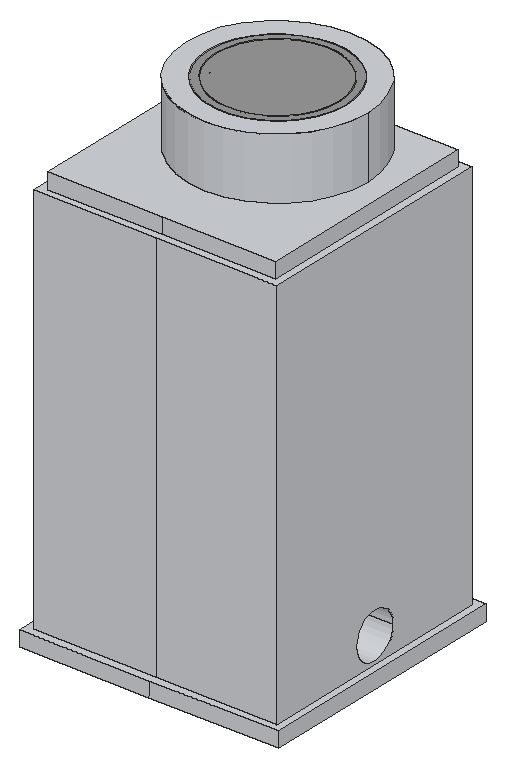
Revit family "检修井", category 常规模型, Revit 2018
Family settings
  可将钢筋附着到主体 = 否
  圆形连接件大小 = 使用直径
  零件类型 = 标准
  基于工作平面 = 否
  总是垂直 = 是
  加载时剪切的空心 = 否
  共享 = 否
  房间计算点 = 否
Parameters
  集水井高度 [instance] = 3400 mm
  附属物 = ""
  连接码 = ""
  起点埋深 = ""
  起点地面标高 = ""
  起始点号 = ""
  行X列 = ""
  终点埋深 = ""
  终止点号 = ""
  终止地面标高 = ""
  线型 = ""
  类型 = ""
  管线长度 = ""
  管径或断面尺寸 = ""
  电缆根数 = ""
  电压 = ""
  特征 = ""
  物探点号（管点编号） = ""
  物探日期 = ""
  流向 = ""
  材质 = none
  权属单位 = ""
  旋转线长度 = 150 mm
  新旧管线 = yes
  探测日期 = ""
  总孔数 = ""
  已用空孔 = ""
  左水管高度 [instance] = 270 mm
  左水管半径 [instance] = 150 mm
  套管尺寸（孔径） = ""
  备注 = ""
  埋设类型 = ""
  埋设日期 = ""
  地面标高 = ""
  图幅号 = ""
  右管拉伸长度 [instance] = 1800 mm
  右管半径 [instance] = 150 mm
  右管偏移角度 [instance] = 160.00°
  右水管高度 [instance] = 270 mm
  井筒高度 [instance] = 400 mm
  井筒 = 混凝土，现场浇注 - C15
  井盖及支座 = 钢 ASTM A242
  井板 = 混凝土，现场浇注 - C15
  井室高度 [instance] = 集水井高度 - 750 mm  # 2650 mm
  井室 = 混凝土，现场浇注 - C15
  井基 = 混凝土，现场浇注 - C15
  Y坐标 = ""
  X坐标 = ""
  90度 = 90.00°
Reference planes
  plane 1 "中心(前/后)": y = 0
  plane 2: z = 0
  plane 3 "中心(左/右)": x = 0
  plane 4: z = 100
  plane 5: z = 2650
  plane 6: z = 3150
  plane 7: z = 2750
  plane 8: z = 270
  plane 9: z = 270
Forms (mm)
  Extrusion 1, solid
    sketch origin (0, 0, 0) x (1, 0, 0) y (0, 1, 0)
      loop
        line (-840, -840) -> (0, -840) -> (840, -840) -> (840, 840) -> (-840, 840) -> (-840, -840)
    from 0 to 100
  Extrusion 2, solid
    sketch origin (0, 0, 0) x (1, 0, 0) y (0, 1, 0)
      loop
        line (-790, -790) -> (0, -790) -> (790, -790) -> (790, 790) -> (-790, 790) -> (-790, -790)
      loop
        line (-550, -550) -> (0, -550) -> (550, -550) -> (550, 550) -> (-550, 550) -> (-550, -550)
    from 100 to 2650
  Extrusion 3, solid
    sketch origin (0, 0, 0) x (1, 0, 0) y (0, 1, 0)
      loop
        line (-740, -740) -> (0, -740) -> (740, -740) -> (740, 740) -> (-740, 740) -> (-740, -740)
      loop
        circle (0, 200) r 450
    from 2650 to 2750
  Extrusion 4, solid
    sketch origin (0, 200, 0) x (1, 0, 0) y (0, 1, 0)
      loop
        circle (0, 0) r 590
      loop
        circle (0, 0) r 450
    from 2750 to 3150
  Sweep 5, solid, material "钢 ASTM A242" <- "井盖及支座"
    path in 3D
      loop
        arc (450, 200, 2750) -> (0, -250, 2750) -> (-450, 200, 2750) r 450
        arc (-450, 200, 2750) -> (0, 650, 2750) -> (450, 200, 2750) r 450
    profile origin (0, 650, 2750) x (0, -1, 0) y (0, 0, -1)
      loop
        line (0, -350) -> (0, -400) -> (50, -400) -> (50, -385) -> (100, -385) -> (100, -370) -> (50, -370) -> (30, -350) -> (0, -350)
  Extrusion 6, solid, material "钢 ASTM A242" <- "井盖及支座"
    sketch origin (0, -120, 0) x (1, 0, 0) y (0, 1, 0)
      loop
        circle (0, 320) r 400
    from 3150 to 3100
  Revolve 7, void
    sketch origin (0, 1530.265, 270) x (0, 1, 0) y (-1, 0, 0)
      loop
        line (-1530.265, 920) -> (-1530.265, 0) -> (-1380.265, 0) -> (-1380.265, 920) -> (-1530.265, 920)
      axis (-1530.265, 0) -> (-1530.265, 920)
    angle from 0 to 360
  Revolve 8, void
    sketch origin (4267.2, -2744.198, 270) x (0, -1, 0) y (1, 0, 0)
      loop
        line (-2744.198, -3986.56) -> (-2744.198, -3267.213) -> (-2894.198, -3267.213) -> (-2894.198, -3986.56) -> (-2744.198, -3986.56)
      axis (-2744.198, -3986.56) -> (-2744.198, -3267.213)
    angle from 0 to 360
Cuts and joins
  Revolve 7, Revolve 8 cuts Extrusion 2
Lines and regions (mm)
  sketch lines
    curve 1: arc (-450, 200, 2750) -> (0, 650, 2750) -> (450, 200, 2750) r 450
    curve 2: arc (450, 200, 2750) -> (0, -250, 2750) -> (-450, 200, 2750) r 450
  reference lines
    curve 3: line (0, 0, 270) -> (-2900, 0, 270)
    curve 4: line (0, 0, 270) -> (2940, 0, 270)
Dimensions and locks
  "井室高度": plane 5 to plane 2
  plane 7 to plane 5 = 100 mm
  "左水管高度": plane 9 to level
  "左水管半径": Revolve 7 sketch curve to Revolve 7 sketch curve
  "右水管高度": plane 8 to plane 2
  "右管半径": Revolve 8 sketch curve to Revolve 8 sketch curve
  "井筒高度": plane 6 to plane 7
  plane 6 to Extrusion 6 = 50 mm
  aligned and locked: level to plane 2
  aligned and locked: Extrusion 2 to plane 4
  aligned and locked: Extrusion 3 to plane 5
  aligned and locked: plane 5 to Extrusion 2
  aligned and locked: plane 7 to Extrusion 3
  aligned and locked: plane 6 to Extrusion 4
  aligned and locked: Extrusion 4 to plane 7
  aligned and locked: Revolve 7 sketch curve to curve 3
  aligned and locked: curve 4 to Revolve 8 sketch curve
  aligned and locked: Extrusion 4 to Extrusion 6
  aligned and locked: Sweep 5 to Extrusion 6
Automatic sketch dimensions
  Extrusion 4 sketch curve to Extrusion 4 sketch curve = 0 mm  (x2)
  Extrusion 4 sketch curve to plane 3 "中心(左/右)" = 0 mm
  Extrusion 4 sketch curve to plane 1 "中心(前/后)" = 200 mm
  Sweep 5 sketch curve to profile plane = 0 mm
  Sweep 5 sketch curve to profile plane = 30 mm
  Sweep 5 sketch curve to profile plane = 50 mm
  Sweep 5 sketch curve to Sweep 5 sketch curve = 0 mm
  Sweep 5 sketch curve to Sweep 5 sketch curve = 50 mm
  Sweep 5 sketch curve to profile plane = 400 mm
  Sweep 5 sketch curve to Sweep 5 sketch curve = 15 mm  (x2)
  Sweep 5 sketch curve to Sweep 5 sketch curve = 20 mm
  Extrusion 6 sketch curve to Extrusion 6 sketch curve = 0 mm  (x2)
  Extrusion 6 sketch curve to plane 3 "中心(左/右)" = 0 mm
  Extrusion 6 sketch curve to plane 1 "中心(前/后)" = 200 mm
  Extrusion 6 sketch curve to plane 3 "中心(左/右)" = 400 mm
  curve 3 to plane 1 "中心(前/后)" = 0 mm
  curve 3 to plane 3 "中心(左/右)" = 0 mm
  curve 3 to plane 3 "中心(左/右)" = 2900 mm
  plane 1 "中心(前/后)" to curve 4 = 0 mm
  curve 4 to plane 3 "中心(左/右)" = 0 mm
  plane 3 "中心(左/右)" to curve 4 = 2940 mm
  Extrusion 1 sketch curve to plane 3 "中心(左/右)" = 0 mm
  Extrusion 1 sketch curve to plane 3 "中心(左/右)" = 840 mm
  Extrusion 1 sketch curve to Extrusion 1 sketch curve = 840 mm
  plane 1 "中心(前/后)" to Extrusion 1 sketch curve = 840 mm
  Extrusion 1 sketch curve to plane 1 "中心(前/后)" = 840 mm
  Extrusion 2 sketch curve to plane 3 "中心(左/右)" = 0 mm  (x2)
  Extrusion 2 sketch curve to plane 3 "中心(左/右)" = 550 mm
  Extrusion 2 sketch curve to Extrusion 2 sketch curve = 240 mm  (x4)
  plane 3 "中心(左/右)" to Extrusion 2 sketch curve = 550 mm
  plane 1 "中心(前/后)" to Extrusion 2 sketch curve = 790 mm
  Extrusion 2 sketch curve to plane 1 "中心(前/后)" = 550 mm
  Extrusion 3 sketch curve to plane 3 "中心(左/右)" = 0 mm  (x2)
  Extrusion 3 sketch curve to plane 3 "中心(左/右)" = 740 mm
  plane 3 "中心(左/右)" to Extrusion 3 sketch curve = 740 mm
  plane 1 "中心(前/后)" to Extrusion 3 sketch curve = 740 mm
  Extrusion 3 sketch curve to plane 1 "中心(前/后)" = 740 mm
  Extrusion 3 sketch curve to Extrusion 3 sketch curve = 0 mm  (x2)
  Extrusion 3 sketch curve to plane 1 "中心(前/后)" = 200 mm
  Extrusion 3 sketch curve to plane 3 "中心(左/右)" = 450 mm
  plane 1 "中心(前/后)" to Revolve 7 sketch curve = 0 mm
  Revolve 7 sketch curve to plane 3 "中心(左/右)" = 0 mm  (x2)
  Revolve 7 sketch curve to plane 3 "中心(左/右)" = 920 mm
  Revolve 7 sketch curve to Revolve 7 sketch curve = 1980 mm
  plane 1 "中心(前/后)" to Revolve 8 sketch curve = 0 mm
  Revolve 8 sketch curve to plane 3 "中心(左/右)" = 0 mm
  plane 3 "中心(左/右)" to Revolve 8 sketch curve = 280.64 mm
  Revolve 8 sketch curve to Revolve 8 sketch curve = 719.347 mm
  Revolve 8 sketch curve to Revolve 8 sketch curve = 1940.013 mm
  radius of Extrusion 4 sketch curve = 590 mm
  radius of Extrusion 4 sketch curve = 450 mm
